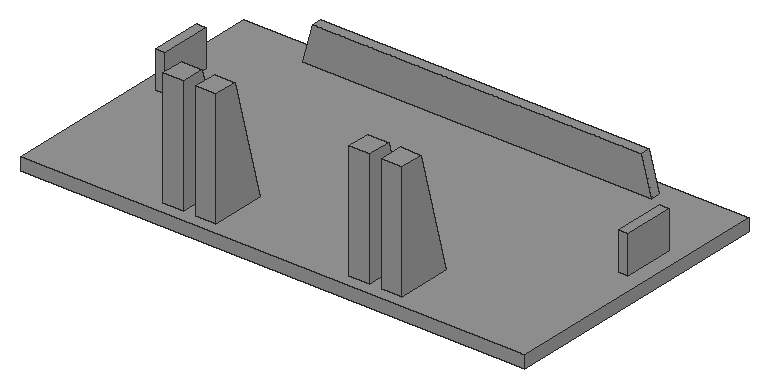
Revit family "Endstück WDK HE60110RW", category Generic Models, Revit 2017
Family settings
  Can host rebar = No
  Round Connector Dimension = Use Diameter
  Part Type = Normal
  Work Plane-Based = No
  Always vertical = Yes
  Cut with Voids When Loaded = No
  Shared = No
  Room Calculation Point = No
Parameters (values of type "WDK HE60110RW")
  Width = 110 mm
  URL = "http://www.obo-bettermann.com"
  Material = Polyvinylchlorid
  Manufacturer Art.No. = "6193307"
  Manufacturer = "OBO BETTERMANN"
  Height = 60 mm
  GTIN = "4012196713059"
  Article Type = "WDK HE60110RW"
Reference planes
  plane 1 "Center (Front/Back)": y = 0
  plane 2: z = 0
  plane 3 "Center (Left/Right)": x = 0
  plane 4: z = 2.7
  plane 5: y = 43
  plane 6: x = 105
  plane 7: x = 54.25
  plane 8: y = 43
  plane 9: x = 3.5
  plane 10: z = 10.7
  plane 11: y = 57
  plane 12: y = 55
  plane 13: x = 34.25
  plane 14: x = 74.25
  plane 15: z = 27.7
  plane 16: y = 2.7
  plane 17: x = 35.584
  plane 18: x = 32.95
  plane 19: x = 28.55
  plane 20: z = 27.7
  plane 21: y = 2.7
  plane 22: x = 75.55
  plane 23: x = 72.95
  plane 24: x = 79.95
Forms (mm)
  Extrusion 1, solid, material "Polyvinylchlorid" <- "Material"
    sketch origin (0, 0, 0) x (1, 0, 0) y (0, 1, 0)
      loop
        line (0, 0) -> (108.5, 0) -> (108.5, 60) -> (0, 60) -> (0, 0)
    from 0 to 2.7
  Extrusion 2, solid, material "Polyvinylchlorid" <- "Material"
    sketch origin (0, 0, 0) x (1, 0, 0) y (0, 1, 0)
      loop
        line (105, 43) -> (103, 43) -> (103, 32) -> (105, 32) -> (105, 43)
    from 2.7 to 10.7
  Extrusion 3, solid, material "Polyvinylchlorid" <- "Material"
    sketch origin (108.5, 0, 0) x (-1, 0, 0) y (0, -1, 0)
      loop
        line (105, -43) -> (105, -32) -> (103, -32) -> (103, -43) -> (105, -43)
    from 2.7 to 10.7
  Extrusion 4, solid, material "Polyvinylchlorid" <- "Material"
    sketch origin (0, 0, 0) x (1, 0, 0) y (0, 0, 1)
      loop
        line (16.75, 2.7) -> (91.75, 2.7) -> (89.606, 10.7) -> (18.894, 10.7) -> (16.75, 2.7)
    from -57 to -55
  Extrusion 5, solid, material "Polyvinylchlorid" <- "Material"
    sketch origin (0, 0, 0) x (0, 1, 0) y (0, 0, 1)
      loop
        line (2.7, 2.7) -> (14.399, 2.7) -> (7.7, 27.7) -> (2.7, 27.7) -> (2.7, 2.7)
    from 28.55 to 32.95
  Extrusion 6, solid, material "Polyvinylchlorid" <- "Material"
    sketch origin (68.5, 0, 0) x (0, 1, 0) y (0, 0, -1)
      loop
        line (2.7, -2.7) -> (2.7, -27.7) -> (7.7, -27.7) -> (14.399, -2.7) -> (2.7, -2.7)
    from 28.55 to 32.95
  Extrusion 7, solid, material "Polyvinylchlorid" <- "Material"
    sketch origin (0, 0, 0) x (0, 1, 0) y (0, 0, 1)
      loop
        line (2.7, 2.7) -> (14.399, 2.7) -> (7.7, 27.7) -> (2.7, 27.7) -> (2.7, 2.7)
    from 75.55 to 79.95
  Extrusion 8, solid, material "Polyvinylchlorid" <- "Material"
    sketch origin (148.5, 0, 0) x (0, 1, 0) y (0, 0, -1)
      loop
        line (2.7, -2.7) -> (2.7, -27.7) -> (7.7, -27.7) -> (14.399, -2.7) -> (2.7, -2.7)
    from 75.55 to 79.95
Dimensions and locks
  locked: Extrusion 1 sketch curve to Extrusion 1 sketch curve at 60
  locked: Extrusion 1 sketch curve to Extrusion 1 sketch curve at 108.5
  locked: Extrusion 1 to Extrusion 1 at 2.7
  locked: Extrusion 1 to plane 5 at 17
  locked: plane 6 to Extrusion 1 at 3.5
  locked: Extrusion 2 sketch curve to Extrusion 2 sketch curve at 11
  locked: Extrusion 2 sketch curve to Extrusion 2 sketch curve at 2
  locked: Extrusion 2 to Extrusion 1 at 3.5
  locked: Extrusion 1 to plane 7 at 54.25
  locked: Extrusion 3 sketch curve to Extrusion 3 sketch curve at 11
  locked: Extrusion 3 sketch curve to Extrusion 3 sketch curve at 2
  locked: plane 10 to plane 4 at 8
  locked: Extrusion 4 sketch curve to plane 7 at 37.5
  locked: Extrusion 4 sketch curve to Extrusion 4 sketch curve at 75
  locked: Extrusion 4 sketch curve to Extrusion 1 at 8
  locked: Extrusion 1 to plane 11 at 3
  locked: plane 11 to plane 12 at 2
  locked: plane 15 to Extrusion 1 at 25
  locked: Extrusion 5 sketch curve to Extrusion 1 at 25
  locked: Extrusion 5 sketch curve to Extrusion 5 sketch curve at 5
  locked: Extrusion 5 sketch curve to Extrusion 5 sketch curve at 11.699
  locked: plane 13 to plane 7 at 20
  locked: plane 13 to plane 17 at 1.334
  locked: plane 18 to plane 13 at 1.3
  locked: Extrusion 6 sketch curve to Extrusion 6 sketch curve at 5
  locked: Extrusion 6 sketch curve to Extrusion 6 sketch curve at 11.699
  locked: Extrusion 5 to Extrusion 6 at 2.6
  locked: Extrusion 6 to Extrusion 6 at 11.699
  locked: Extrusion 5 to Extrusion 5 at 11.699
  locked: Extrusion 7 sketch curve to Extrusion 7 sketch curve at 11.699
  locked: Extrusion 7 sketch curve to Extrusion 7 sketch curve at 5
  locked: Extrusion 5 to Extrusion 1 at 25
  locked: plane 14 to plane 22 at 1.3
  locked: plane 23 to plane 14 at 1.3
  locked: Extrusion 7 to Extrusion 7 at 4.4
  locked: Extrusion 8 sketch curve to Extrusion 8 sketch curve at 11.699
  locked: Extrusion 8 sketch curve to Extrusion 8 sketch curve at 5
  locked: Extrusion 8 to Extrusion 8 at 4.4
  aligned and locked: level to plane 2
  aligned and locked: Extrusion 1 to plane 3 "Center (Left/Right)"
  aligned and locked: plane 1 "Center (Front/Back)" to Extrusion 1
  aligned and locked: Extrusion 1 to plane 4
  aligned and locked: Extrusion 2 to Extrusion 1
  aligned and locked: Extrusion 3 to Extrusion 1
  aligned and locked: plane 10 to Extrusion 3
  aligned and locked: Extrusion 2 to Extrusion 3
  aligned and locked: Extrusion 3 to plane 4
  aligned and locked: plane 4 to Extrusion 2
  aligned and locked: Extrusion 4 sketch curve to plane 10
  aligned and locked: Extrusion 4 sketch curve to plane 4
  aligned and locked: Extrusion 2 to Extrusion 4
  aligned and locked: Extrusion 4 to Extrusion 1
  aligned and locked: plane 11 to Extrusion 4
  aligned and locked: Extrusion 4 to plane 12
  aligned and locked: Extrusion 5 to Extrusion 1
  aligned and locked: Extrusion 5 to plane 18
  aligned and locked: Extrusion 5 to plane 19
  aligned and locked: Extrusion 7 to Extrusion 1
  aligned and locked: Extrusion 7 to Extrusion 5
  aligned and locked: Extrusion 7 to plane 22
  aligned and locked: Extrusion 7 to plane 24
